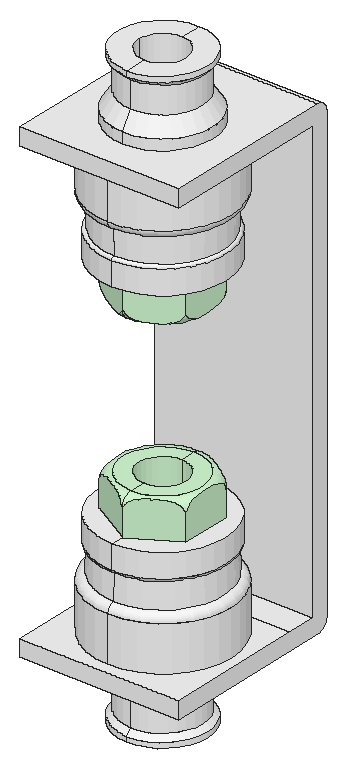
Revit family "hanger_yc-30w", category 機械設備, Revit 2022
Family settings
  丸型コネクタ寸法 = 直径を使用
  種別 = なし
  パーツ タイプ = 標準
  作業面ベース = いいえ
  常に垂直 = はい
  ロード時にボイドで切り取り = いいえ
  注釈の向きを維持 = いいえ
  共有 = いいえ
  部屋計算ポイント = いいえ
Parameters
  製造元 = "株式会社桐井製作所"
  既定の高さ = 0 mm
  URL = "https://www.kirii.co.jp/"
  K_静的バネ係数N/mm = 100
  K_品名 = "圧縮型防振ハンガー(YCシールハンガー)YC-30W"
  K_名称 = "防振ハンガー"
  K_使用荷重(N) = "98～294"
  K_バージョン情報 = "20211012"
Reference planes
  plane 1 "中心(正面/背面)": y = 0
  plane 2: z = 0
  plane 3 "中心(左/右)": x = 0
  plane 4: x = 15
  plane 5: x = -15
Forms (mm)
  Extrusion 1, void
    sketch origin (0, -6, -15) x (1, 0, 0) y (0, 1, 0)
      loop
        circle (0, 5.99) r 8.25
    from 11.8 to 15
  Extrusion 2, solid
    sketch origin (0, 0, 0) x (0, 1, 0) y (0, 0, 1)
      loop
        line (16.8, -3.2) -> (16.8, -86.8) -> (11.4, -86.8) -> (-15, -86.8) -> (-15, -90) -> (18, -90)
        arc (18, -90) -> (19.414, -89.414) -> (20, -88) r 2
        line (20, -88) -> (20, -2)
        arc (20, -2) -> (19.414, -0.586) -> (18, 0) r 2
        line (18, 0) -> (-15, 0) -> (-15, -3.2) -> (11.4, -3.2) -> (16.8, -3.2)
    from -15 to 15
  Revolve 3, solid
    sketch origin (0, 0, -30) x (0, 1, 0) y (0, 0, 1)
      loop
        line (0, -36.8) -> (0, -56.8) -> (13, -56.8) -> (13, -48.3)
        arc (13, -48.3) -> (12.561, -47.239) -> (11.5, -46.8) r 1.5
        line (11.5, -46.8) -> (11.4, -41.79)
        arc (11.4, -41.79) -> (11.816, -41.687) -> (12, -41.3) r 0.5
        line (12, -41.3) -> (12, -36.8) -> (0, -36.8)
      axis (0, -56.8) -> (0, -36.8)
    angle from 0 to 360
  Revolve 4, solid
    sketch origin (0, 0, -30) x (0, 1, 0) y (0, 0, 1)
      loop
        line (0, -60) -> (0, -72) -> (8.5, -72) -> (8.5, -71) -> (7.5, -70) -> (7.5, -65) -> (9.5, -62) -> (9.5, -60) -> (0, -60)
      axis (0, -72) -> (0, -60)
    angle from 0 to 360
  Revolve 5, solid
    sketch origin (0, 0, -60) x (0, 1, 0) y (0, 0, 1)
      loop
        line (0, 36.8) -> (12, 36.8) -> (12, 41.3)
        arc (12, 41.3) -> (11.816, 41.687) -> (11.4, 41.79) r 0.5
        line (11.4, 41.79) -> (11.5, 46.8)
        arc (11.5, 46.8) -> (12.561, 47.239) -> (13, 48.3) r 1.5
        line (13, 48.3) -> (13, 56.8) -> (0, 56.8) -> (0, 36.8)
      axis (0, 56.8) -> (0, 36.8)
    angle from 0 to 360
  Revolve 6, solid
    sketch origin (0, 0, -60) x (0, 1, 0) y (0, 0, 1)
      loop
        line (0, 60) -> (9.5, 60) -> (9.5, 62) -> (7.5, 65) -> (7.5, 70) -> (8.5, 71) -> (8.5, 72) -> (0, 72) -> (0, 60)
      axis (0, 72) -> (0, 60)
    angle from 0 to 360
  Extrusion 7, void
    sketch origin (0, -6, -101.8) x (1, 0, 0) y (0, 1, 0)
      loop
        circle (0, 5.99) r 8.25
    from 11.8 to 15
  Extrusion 8, void
    sketch origin (0, 0, 0) x (1, 0, 0) y (0, 1, 0)
      loop
        circle (0, 0) r 4.5
    from -23.2 to 12
  Extrusion 9, void
    sketch origin (0, 0, -78.8) x (1, 0, 0) y (0, 1, 0)
      loop
        circle (0, 0) r 4.5
    from -23.2 to 12
Cuts and joins
  Extrusion 1, Extrusion 7 cuts Extrusion 2
  Extrusion 9 cuts Revolve 3
  Extrusion 9 cuts Revolve 4
  Extrusion 7, Extrusion 9 cuts Revolve 5
  Extrusion 7, Extrusion 8, Extrusion 9 cuts Revolve 6
  joined: Extrusion 2, Revolve 3, Revolve 4, Revolve 5, Revolve 6
Dimensions and locks
  aligned and locked: level to plane 2
Nested families
  nested 1: "ナット_面付(圧縮型防振ハンガー)" at (0, 0, -66.8) x (0, 1, 0) z (0, 0, 1), type "ナット_面付(圧縮型防振ハンガー)"
  nested 2: "ナット_面付(圧縮型防振ハンガー)" at (0, 0, -23.2) x (0, 1, 0) z (0, 0, -1), type "ナット_面付(圧縮型防振ハンガー)"
Definition of nested family "ナット_面付(圧縮型防振ハンガー)"
  Parameters (values of type "ナット_面付(圧縮型防振ハンガー)")
    Default Elevation = 1219.2 mm
  Reference planes
    plane 1 "中心(正面/背面)": y = 0
    plane 2: z = 0
    plane 3 "中心(左/右)": x = 0
  Forms (mm)
    Extrusion 1, solid
      sketch origin (0, 0, 0) x (1, 0, 0) y (0, 1, 0)
        loop
          line (-1219.2, 1219.2) -> (-1219.2, -1219.2) -> (1219.2, -1219.2) -> (1219.2, 1219.2) -> (-1219.2, 1219.2)
      from 0 to -304.8
    Revolve 2, solid
      sketch origin (0, 0, 4) x (1, 0, 0) y (0, 0, 1)
        loop
          line (4.5, 3) -> (4.5, -4) -> (9.5, -4) -> (9.5, 0.96)
          arc (9.5, 0.96) -> (8.902, 2.402) -> (7.46, 3) r 2.04
          line (7.46, 3) -> (4.5, 3)
        axis (0, 3) -> (0, -4)
      angle from 0 to 360
    Extrusion 3, void
      sketch origin (0, 0, 0) x (1, 0, 0) y (0, 1, 0)
        loop
          line (9.5, 0) -> (4.75, 8.227) -> (-4.75, 8.227) -> (-9.5, 0) -> (-4.75, -8.227) -> (4.75, -8.227) -> (9.5, 0)
        loop
          line (11.18, 0) -> (5.59, 9.682) -> (-5.59, 9.682) -> (-11.18, 0) -> (-5.59, -9.682) -> (5.59, -9.682) -> (11.18, 0)
      from 0 to 7
  Cuts and joins
    Extrusion 3 cuts Revolve 2
  Dimensions and locks
    aligned and locked: plane 2 to Extrusion 1
    aligned and locked: level to Extrusion 1
